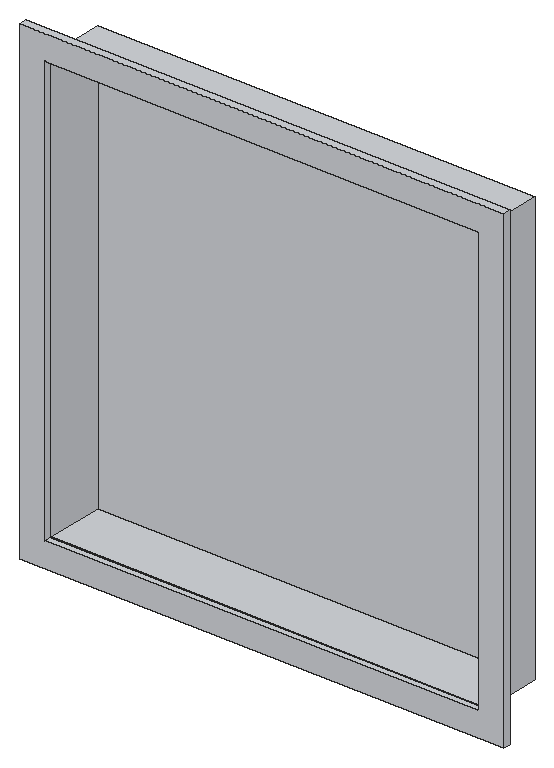
Revit family "FW-IP30-Without_Door-With_notch-leer-NoHosted-AT-de", category Electrical Equipment, Revit 2020
Family settings
  Panel Configuration = Two Columns, Circuits Across
  Round Connector Dimension = Use Diameter
  Part Type = Panelboard
  Work Plane-Based = Yes
  Always vertical = Yes
  Cut with Voids When Loaded = No
  Shared = No
  Room Calculation Point = No
Parameters (values of type "Unterputz IP30 B853 H853 T125 0 Teilungseinheiten - FWU53L")
  Width Control [instance] = if([HG000006 - Unterputz], if([EF000846 - Einbaubreite] > min_whd, [EF000846 - Einbaubreite], min_whd), if([EF000008 - Breite] > min_whd, ([EF000008 - Breite]), min_whd))  # 810 mm
  Void Depth [instance] = if([EF000218 - Einbautiefe] > 1 mm, [EF000218 - Einbautiefe], 1 mm)  # 112 mm
  Type Comments = [HG000003 - Bereich]  # "FW"
  System Height [instance] = Height Control - 2 * [HG000005 - Dicke]  # 796 mm
  Panel Name [instance] = ""  # (empty or 0)
  Offset [instance] = 0 mm
  Model = [HG000004 - Herstellerreferenz]  # "FWU53L"
  Level Offset [instance] = [Flush Mounted - Door Frame Width] + Offset  # 51 mm
  HG000011 - Leere Reihen von unten = no
  HG000010 - Asymmetrische Türen = no
  HG000009 - Doppelflügeligen Tür = no
  HG000008 - Anzahl der leeren Reihen = 0
  HG000007 - Anzahl der leeren Spalten = 0
  HG000006 - Unterputz = yes
  HG000005 - Dicke = 3 mm  # constant formula
  HG000004 - Herstellerreferenz = "FWU53L"
  HG000003 - Bereich = "FW"
  HG000002 - Mit tür = no
  HG000001 - Anzahl der Spalten = 0
  EF015941 - Signaldurchlassende Tür = no
  EF015777 - Neutralleiterklemmenblock = no
  EF015776 - Erdungsklemmenblock = no
  EF009212 - Ausführung Deckel = "EV009916 - mit Ausschnitt"
  EF006306 - Mit Schloss = no
  EF006244 - Transparenter Deckel/Tür = yes
  EF005474 - Schutzart (IP) = "EV006410 - IP30"
  EF004462 - Art der Schließung = "EV000154 - sonstige"
  EF002950 - Breite in Teilungseinheiten = 0
  EF001596 - Werkstoff des Gehäuses = "0"
  EF001134 - DIN-Schiene = no
  EF001131 - Innentiefe = 112 mm
  EF001088 - Anbaumöglichkeit = no
  EF001062 - EMV-Ausführung = no
  EF000846 - Einbaubreite = 810 mm
  EF000339 - Art der Abdeckung = "EV000494 - ohne"
  EF000332 - Einbauhöhe = 802 mm
  EF000266 - Anzahl der Reihen = 0
  EF000218 - Einbautiefe = 112 mm
  EF000118 - Mit Montageplatte = no
  EF000116 - RAL-Nummer = "0"
  EF000049 - Tiefe = 125 mm
  EF000040 - Höhe = 853 mm
  EF000008 - Breite = 853 mm
  EF000007 - Farbe = "EV000202 - weiß"
  EF000003 - Montageart = "EV000128 - Hohlwand"
  Description = ""
  Default Elevation = 1219.2 mm
  Arrow Offset [instance] = Depth Control / 8  # 14 mm
  Arrow Height [instance] = Depth Control - Arrow Offset  # 98 mm
  Host Offset [instance] = if([HG000006 - Unterputz], 0 mm, [EF000049 - Tiefe])  # 0 mm
  min_whd [instance] = (2 * [HG000005 - Dicke]) + 1 mm  # 7 mm
  Manufacturer = "Hager"  # constant formula
  Height Control [instance] = if([HG000006 - Unterputz], if([EF000332 - Einbauhöhe] > min_whd, [EF000332 - Einbauhöhe], min_whd), if([EF000040 - Höhe] > min_whd, ([EF000040 - Höhe]), min_whd))  # 802 mm
  Flush Mounted - Door Frame Width [instance] = if(([EF000040 - Höhe] - [EF000332 - Einbauhöhe]) > 0 mm, if([HG000006 - Unterputz], [EF000040 - Höhe] - [EF000332 - Einbauhöhe], 0 mm), 0 mm)  # 51 mm
  Tür rechts [instance] = yes
  Tür links [instance] = not(Tür rechts)  # no
  Türschwenkwinkel [instance] = 45.00°
  3D-Türsichtbarkeit [instance] = yes
  Depth Control [instance] = if([HG000006 - Unterputz], if([EF000218 - Einbautiefe] > 0 mm, [EF000218 - Einbautiefe], 1 mm), if([EF000049 - Tiefe] > 0 mm, ([EF000049 - Tiefe]), 1 mm))  # 112 mm
  Sichtbarkeit der Türöffnung [instance] = no
Types (16, lengths in mm): name | Width Control | System Height | Model | HG000004 - Herstellerreferenz | EF000846 - Einbaubreite | EF000332 - Einbauhöhe | EF000040 - Höhe | EF000008 - Breite | Height Control
  Unterputz IP30 B353 H1003 T125 0 Teilungseinheiten - FWU61L | 310 | 946 | "FWU61L" | "FWU61L" | 310 | 952 | 1003 | 353 | 952
  Unterputz IP30 B353 H1153 T125 0 Teilungseinheiten - FWU71L | 310 | 1096 | "FWU71L" | "FWU71L" | 310 | 1102 | 1153 | 353 | 1102
  Unterputz IP30 B353 H1303 T125 0 Teilungseinheiten - FWU81L | 310 | 1246 | "FWU81L" | "FWU81L" | 310 | 1252 | 1303 | 353 | 1252
  Unterputz IP30 B353 H553 T125 0 Teilungseinheiten - FWU31L | 310 | 496 | "FWU31L" | "FWU31L" | 310 | 502 | 553 | 353 | 502
  Unterputz IP30 B353 H703 T125 0 Teilungseinheiten - FWU41L | 310 | 646 | "FWU41L" | "FWU41L" | 310 | 652 | 703 | 353 | 652
  Unterputz IP30 B353 H853 T125 0 Teilungseinheiten - FWU51L | 310 | 796 | "FWU51L" | "FWU51L" | 310 | 802 | 853 | 353 | 802
  Unterputz IP30 B603 H1003 T125 0 Teilungseinheiten - FWU62L | 560 | 946 | "FWU62L" | "FWU62L" | 560 | 952 | 1003 | 603 | 952
  Unterputz IP30 B603 H1153 T125 0 Teilungseinheiten - FWU72L | 560 | 1096 | "FWU72L" | "FWU72L" | 560 | 1102 | 1153 | 603 | 1102
  Unterputz IP30 B603 H553 T125 0 Teilungseinheiten - FWU32L | 560 | 496 | "FWU32L" | "FWU32L" | 560 | 502 | 553 | 603 | 502
  Unterputz IP30 B603 H703 T125 0 Teilungseinheiten - FWU42L | 560 | 646 | "FWU42L" | "FWU42L" | 560 | 652 | 703 | 603 | 652
  Unterputz IP30 B603 H853 T125 0 Teilungseinheiten - FWU52L | 560 | 796 | "FWU52L" | "FWU52L" | 560 | 802 | 853 | 603 | 802
  Unterputz IP30 B853 H1003 T125 0 Teilungseinheiten - FWU63L | 810 | 946 | "FWU63L" | "FWU63L" | 810 | 952 | 1003 | 853 | 952
  Unterputz IP30 B853 H1153 T125 0 Teilungseinheiten - FWU73L | 810 | 1096 | "FWU73L" | "FWU73L" | 810 | 1102 | 1153 | 853 | 1102
  Unterputz IP30 B853 H553 T125 0 Teilungseinheiten - FWU33L | 810 | 496 | "FWU33L" | "FWU33L" | 810 | 502 | 553 | 853 | 502
  Unterputz IP30 B853 H703 T125 0 Teilungseinheiten - FWU43L | 810 | 646 | "FWU43L" | "FWU43L" | 810 | 652 | 703 | 853 | 652
  Unterputz IP30 B853 H853 T125 0 Teilungseinheiten - FWU53L | 810 | 796 | "FWU53L" | "FWU53L" | 810 | 802 | 853 | 853 | 802
Reference planes
  plane 1 "Center (Front/Back)": y = 0
  plane 2: z = 0
  plane 3 "Center (Left/Right)": x = 0
  plane 4: y = 54
  plane 5: y = 112
  plane 6: y = 51
  plane 7: z = 0
  plane 8: x = -405
  plane 9: x = 405
  plane 10: x = 402
  plane 11: x = -402
  plane 12: z = 51
  plane 13: z = 54
  plane 14: y = 5
  plane 15: y = 0
  plane 16: y = 109
  plane 17: z = 850
  plane 18: z = 853
  plane 19: z = 452
  plane 20: x = 2000
  plane 21: x = 0
  plane 22: y = -2100
  plane 23: y = -100
Forms (mm)
  Extrusion 1, solid
    sketch origin (-208.679, -4572, 51) x (-1, 0, 0) y (0, -1, 0)
      loop
        line (196.321, -4572) -> (-613.679, -4572) -> (-613.679, -4684) -> (196.321, -4684) -> (196.321, -4572)
    from 0 to 802 <- "Height Control"
  Extrusion 2, void
    sketch origin (-350.771, 0, 1219.2) x (1, 0, 0) y (0, 0, 1)
      loop
        line (-51.229, -369.2) -> (-51.229, -1165.2) -> (752.771, -1165.2) -> (752.771, -369.2) -> (-51.229, -369.2)
    from 0 to -109
  Extrusion 3, solid, detail levels coarse
    sketch origin (-350.771, 0, 1219.2) x (-1, 0, 0) y (0, 0, 1)
      loop
        line (51.229, -369.2) -> (-752.771, -369.2) -> (-752.771, -1165.2) -> (51.229, -1165.2) -> (51.229, -369.2)
    from 0 to 3 <- "HG000005 - Dicke"
Cuts and joins
  Extrusion 2 cuts Extrusion 1
Dimensions and locks
  "Flush Mounted - Door Frame Width": plane 1 "Center (Front/Back)" to plane 6
  "HG000005 - Dicke": plane 4 to plane 6
  "HG000005 - Dicke": plane 8 to plane 11
  "HG000005 - Dicke": plane 9 to plane 10
  equal spacing: plane 8, plane 3 "Center (Left/Right)", plane 9
  "Width Control": plane 8 to plane 9
  locked: plane 14 to plane 15 at 5
  "Host Offset": plane 1 "Center (Front/Back)" to plane 15
  "Depth Control": plane 5 to plane 15
  "HG000005 - Dicke": plane 5 to plane 16
  "HG000005 - Dicke": plane 13 to plane 12
  "Level Offset": plane 12 to level
  "HG000005 - Dicke": plane 18 to plane 17
  "Height Control": plane 18 to plane 12
  "Arrow Offset": plane 5 to nested 4
  equal spacing: plane 18, plane 19, plane 12
  locked: connector elem to plane 19
  locked: connector elem to plane 3 "Center (Left/Right)"
  locked: plane 3 "Center (Left/Right)" to plane 20 at 2000
  locked: plane 21 to plane 20 at 2000
  locked: plane 23 to plane 22 at 2000
  aligned and locked: nested 1 to plane 14
  aligned and locked: plane 3 "Center (Left/Right)" to nested 1
  aligned and locked: plane 3 "Center (Left/Right)" to nested 2
  aligned and locked: nested 2 to plane 15
  aligned and locked: Extrusion 1 to plane 5
  aligned and locked: Extrusion 3 sketch curve to plane 17
  aligned and locked: Extrusion 3 sketch curve to plane 11
  aligned and locked: Extrusion 3 sketch curve to plane 13
  aligned and locked: Extrusion 3 sketch curve to plane 10
  aligned and locked: Extrusion 2 sketch curve to plane 13
  aligned and locked: Extrusion 2 sketch curve to plane 10
  aligned and locked: Extrusion 2 sketch curve to plane 17
  aligned and locked: Extrusion 2 sketch curve to plane 11
  aligned and locked: Extrusion 2 to plane 16
  aligned and locked: Extrusion 1 sketch curve to plane 5
  aligned and locked: plane 9 to Extrusion 1 sketch curve
  aligned and locked: plane 8 to Extrusion 1 sketch curve
  aligned and locked: plane 8 to nested 4
  aligned and locked: plane 8 to nested 3
  aligned and locked: nested 3 to plane 5
  aligned and locked: Extrusion 1 sketch curve to plane 15
  aligned and locked: Extrusion 2 to plane 15
Nested families
  nested 1: "Hager_Enclosure_System" at (0, 5, 54), No_Columns <- "HG000001 - Anzahl der Spalten", Flush_Mounted <- "HG000006 - Unterputz", Width <- "EF000008 - Breite", Height <- "System Height", Width_Control <- "Width Control", Row_Module_Multiplicator <- "EF002950 - Breite in Teilungseinheiten", Empty_Columns <- "HG000007 - Anzahl der leeren Spalten", No_Rows <- "EF000266 - Anzahl der Reihen", Built-in_Width <- "EF000846 - Einbaubreite", Border <- "HG000005 - Dicke", Total_No_Empty_Rows <- "HG000008 - Anzahl der leeren Reihen", Depth <- "HG000005 - Dicke", Empty_Rows_From_Bottom <- "HG000011 - Leere Reihen von unten", type "Hager_Enclosure_System", detail levels medium+fine
    with Width_Control 810 mm, Width 853 mm, Total_No_Rows 0, Total_No_Empty_Rows 0, Total_No_Columns 1, System_Width 804 mm, Rows_Column 0, Row_Module_Multiplicator 0, Panel_4 no, Panel_3 no, Panel_2 no, Panel_1 no, No_Rows 0, No_Panels_Ctrl 1, No_Columns 0, Hide_Columns yes, Height 796 mm, Flush_Mounted yes, Empty_Rows_From_Bottom no, Empty_Rows_Column 0, Empty_Columns 0, Depth 3 mm, Column_Width 804 mm, Built-in_Width 810 mm, Border 3 mm
  nested 2: "Hager_Enclosure_Door" at (0, 0, 51), Double <- "HG000009 - Doppelflügeligen Tür", Height_Ctrl <- "Height Control", Transparent <- "EF006244 - Transparenter Deckel/Tür", Depth <- "EF000049 - Tiefe", Height <- "EF000040 - Höhe", Angle <- "Türschwenkwinkel", Door_Right <- "Tür rechts", Assymetrical <- "HG000010 - Asymmetrische Türen", Flush_Mounted <- "HG000006 - Unterputz", BuiltIn_Depth <- "EF000218 - Einbautiefe", BuiltIn_Width <- "EF000846 - Einbaubreite", Door <- "HG000002 - Mit tür", Width_Ctrl <- "Width Control", 3d_Door <- "3D-Türsichtbarkeit", Width <- "EF000008 - Breite", Border <- "HG000005 - Dicke", BuiltIn_Height <- "EF000332 - Einbauhöhe", Clearance <- "Sichtbarkeit der Türöffnung", Door_Left <- "Tür links", type "Hager_Enclosure_Door", detail levels medium+fine
    with min_wh 7 mm, Width_Ctrl 810 mm, Width 853 mm, Transparent yes, Leaf_Width 801 mm, Leaf_Tolerance 1.5 mm, Leaf_Height 793 mm, Leaf_2_Width 801 mm, Leaf_2_Offset 400.5 mm, Leaf_1_Width 801 mm, Leaf_1_Offset 400.5 mm, Height_Ctrl 802 mm, Height 853 mm, Frame_Width_Ctrl 43 mm, Frame_Width 43 mm, Frame_Internal_Offset 3 mm, Frame_Height_Ctrl 51 mm, Frame_Height 51 mm, Frame_Depth_Ctrl 13 mm, Frame_Depth 13 mm, Flush_Mounted yes, Double_Clearance_Ctrl no, Double no, Door_Right_Ctrl no, Door_Right yes, Door_Left_Ctrl no, Door_Left no, Door no, Depth 125 mm, Clearance_Depth 801 mm, Clearance_Ctrl no, Clearance no, BuiltIn_Width 810 mm, BuiltIn_Height 802 mm, BuiltIn_Depth 112 mm, Border 3 mm, Assymetrical no, Angle 45.00°, 3d_Door yes
  nested 3: "Hager_Enclosure_Symbol_Triangle" at (-405, 112, 0), Depth <- "Depth Control", Width <- "Width Control", type "Hager_Enclosure_Symbol_Triangle"
    with Width_Ctrl 810 mm, Width 810 mm, Depth_Ctrl 112 mm, Depth 112 mm
  nested 4: "Hager_Enclosure_Symbol_Arrow" at (-405, 98, 0), Height <- "Arrow Height", type "Hager_Enclosure_Symbol_Arrow"
    with Width_Inside 7.35 mm, Width 88.2 mm, Height_Ctrl 98 mm, Height 98 mm
Connectors
  electrical at (0, 112, 452)
    settings: on plane 5, index 1, voltage 0 V, apparent load 0 VA, apparent load phase1 0 VA, apparent load phase2 0 VA, apparent load phase3 0 VA, power factor 1, load classification "Other", number of poles 1, system type 30, power factor state 1, is connector primary yes, connector utility no, sub classification motor no, connector description ""
Definition of nested family "Hager_Enclosure_Door"
  Parameters (values of type "Hager_Enclosure_Door")
    min_wh [instance] = (2 * Border) + 1 mm  # 11 mm
    Width_Ctrl [instance] = 400 mm
    Width [instance] = 500 mm
    Transparent [instance] = yes
    Leaf_Width [instance] = if((Width_Ctrl - 2 * Border - 2 * Leaf_Tolerance) > 0 mm, (Width_Ctrl - 2 * Border - 2 * Leaf_Tolerance), min_wh)  # 387 mm
    Leaf_Tolerance [instance] = 1.5 mm  # constant formula
    Leaf_Height [instance] = if((Height_Ctrl - 2 * Border - 2 * Leaf_Tolerance) > 0 mm, (Height_Ctrl - 2 * Border - 2 * Leaf_Tolerance), min_wh)  # 387 mm
    Leaf_2_Width [instance] = if(and(and(Double, Assymetrical), Door_Left), (Leaf_Width / 3) - (Leaf_Tolerance / 2), if(and(and(Double, Assymetrical), Door_Right), (Leaf_Width / 3) * 2 - (Leaf_Tolerance / 2), if(and(Double, not(Assymetrical)), (Leaf_Width / 2) - Leaf_Tolerance, Leaf_Width)))  # 192 mm
    Leaf_2_Offset [instance] = if(and(Double, Assymetrical), Leaf_2_Width / 2, if(and(Double, not(Assymetrical)), Leaf_Width / 4, Leaf_Width / 2))  # 96.75 mm
    Leaf_1_Width [instance] = if(and(and(Double, Assymetrical), Door_Right), (Leaf_Width / 3) - (Leaf_Tolerance / 2), if(and(and(Double, Assymetrical), Door_Left), (Width / 3) * 2 - (Leaf_Tolerance / 2), if(and(Double, not(Assymetrical)), (Leaf_Width / 2) - Leaf_Tolerance, Leaf_Width)))  # 192 mm
    Leaf_1_Offset [instance] = if(and(Double, Assymetrical), Leaf_1_Width / 2, if(and(Double, not(Assymetrical)), Leaf_Width / 4, Leaf_Width / 2))  # 96.75 mm
    Height_Ctrl [instance] = 400 mm
    Height [instance] = 500 mm
    Frame_Width_Ctrl [instance] = if(Frame_Width > 0 mm, Frame_Width, 1 mm)  # 1 mm
    Frame_Width [instance] = Width - BuiltIn_Width  # 0 mm
    Frame_Internal_Offset [instance] = if(Flush_Mounted, Border, 0 mm)  # 0 mm
    Frame_Height_Ctrl [instance] = if(Frame_Height > 0 mm, Frame_Height, 1 mm)  # 1 mm
    Frame_Height [instance] = Height - BuiltIn_Height  # 0 mm
    Frame_Depth_Ctrl [instance] = if(Frame_Depth > 0 mm, Frame_Depth, 1 mm)  # 1 mm
    Frame_Depth [instance] = if(Depth - BuiltIn_Depth > 0 mm, if(Flush_Mounted, Depth - BuiltIn_Depth, 0 mm), 0 mm)  # 0 mm
    Flush_Mounted [instance] = no
    Double_Clearance_Ctrl [instance] = and(Double, Clearance)  # yes
    Double [instance] = yes
    Door_Right_Ctrl [instance] = and(or(Door_Right, Double), Door)  # yes
    Door_Right [instance] = yes
    Door_Left_Ctrl [instance] = and(or(Door_Left, Double), Door)  # yes
    Door_Left [instance] = no
    Door [instance] = yes
    Depth [instance] = 500 mm
    Default Elevation = 1219.2 mm
    Clearance_Material = none
    Clearance_Depth [instance] = if(Leaf_1_Width > Leaf_2_Width, Leaf_1_Width, Leaf_2_Width)  # 192 mm
    Clearance_Ctrl [instance] = and(not(Double), Clearance)  # no
    Clearance [instance] = yes
    BuiltIn_Width [instance] = 500 mm
    BuiltIn_Height [instance] = 500 mm
    BuiltIn_Depth [instance] = 500 mm
    Border [instance] = 5 mm
    Assymetrical [instance] = no
    Angle [instance] = 65.00°
    3d_Door [instance] = yes
  Reference planes
    plane 1 "Center (Front/Back)": y = 0
    plane 2 "Bottom": z = 0
    plane 3 "Center (Left/Right)": x = 0
    plane 4: z = 400
    plane 5: x = -200
    plane 6: x = 200
    plane 7: z = 395
    plane 8: x = -195
    plane 9: z = 5
    plane 10: x = 195
    plane 11: y = 0
    plane 12: z = 6.5
    plane 13: x = -387
    plane 14: y = -192
    plane 15: x = 387
    plane 16: x = -96.75
    plane 17: x = 96.75
    plane 18: x = -193.5
    plane 19: x = 193.5
    plane 20: z = 393.5
  Forms (mm)
    Extrusion 1, solid, visible <- "Flush_Mounted"
      sketch origin (0, 0, 0) x (1, 0, 0) y (0, 0, 1)
        loop
          line (200, 0) -> (200, 400) -> (-200, 400) -> (-200, 0) -> (200, 0)
        loop
          line (-201, 401) -> (-201, -1) -> (201, -1) -> (201, 401) -> (-201, 401)
      from 0 to 1 <- "Frame_Depth_Ctrl"
    Extrusion 2, solid, material <- "Clearance_Material", visible <- "Double_Clearance_Ctrl"
      sketch origin (1200, 0, 0) x (1, 0, 0) y (0, 0, -1)
        loop
          line (-1587, -393.5) -> (-813, -393.5) -> (-813, 0) -> (-1587, 0) -> (-1587, -393.5)
      from 0 to -192
  Dimensions and locks
    equal spacing: plane 5, plane 3 "Center (Left/Right)", plane 6
    "Width_Ctrl": plane 5 to plane 6
    "Border": plane 5 to plane 8
    "Border": plane 6 to plane 10
    "Border": plane 9 to level
    "Border": plane 4 to plane 7
    "Height_Ctrl": plane 4 to level
    "Leaf_Tolerance": plane 12 to plane 9
    "Frame_Depth": plane 11 to plane 1 "Center (Front/Back)"
    "Frame_Width_Ctrl": plane 5 to Extrusion 1 sketch curve
    "Frame_Width_Ctrl": plane 6 to Extrusion 1 sketch curve
    "Frame_Width_Ctrl": Extrusion 1 sketch curve to plane 4
    "Frame_Width_Ctrl": plane 2 "Bottom" to Extrusion 1 sketch curve
    "Leaf_1_Offset": plane 18 to plane 16
    "Leaf_2_Offset": plane 17 to plane 19
    "Leaf_1_Width": plane 13 to plane 8
    "Leaf_2_Width": plane 10 to plane 15
    "Clearance_Depth": plane 14 to plane 1 "Center (Front/Back)"
    "Leaf_Tolerance": plane 8 to plane 18
    "Leaf_Tolerance": plane 19 to plane 10
    "Leaf_Tolerance": plane 7 to plane 20
    "Frame_Internal_Offset": plane 5 to Extrusion 1 sketch curve
    "Frame_Internal_Offset": Extrusion 1 sketch curve to plane 2 "Bottom"
    "Frame_Internal_Offset": plane 6 to Extrusion 1 sketch curve
    "Frame_Internal_Offset": plane 4 to Extrusion 1 sketch curve
    aligned and locked: level to plane 2 "Bottom"
    aligned and locked: nested 1 to plane 16
    aligned and locked: nested 2 to plane 17
    aligned and locked: Extrusion 2 to plane 13
    aligned and locked: plane 15 to Extrusion 2
    aligned and locked: Extrusion 2 to plane 14
    aligned and locked: plane 12 to nested 1
    aligned and locked: nested 2 to plane 12
    aligned and locked: Extrusion 2 to plane 11
    aligned and locked: plane 20 to Extrusion 2
    aligned and locked: nested 2 to plane 11
    aligned and locked: nested 1 to plane 11
  Automatic sketch dimensions
    Extrusion 2 sketch curve to level = 0 mm
    plane 5 to Extrusion 2 sketch curve = 187 mm
    plane 6 to Extrusion 2 sketch curve = 187 mm
    Extrusion 2 sketch curve to plane 4 = 6.5 mm
  Nested families
    nested 1: "Hager_Enclosure_Door_Leaf" at (-96.75, 0, 6.5), Width <- "Leaf_1_Width", visible <- "Door_Left_Ctrl", Leaf_Height <- "Leaf_Height", Angle <- "Angle", Depth <- "Border", 3d_Door <- "3d_Door", Transparent <- "Transparent", Clearance Material <- "Clearance_Material", Clearance <- "Clearance_Ctrl", type "Hager_Enclosure_Door_Leaf"
      with Width 192 mm, Transparent_Door_Border 25 mm, Transparent_Ctrl yes, Transparent yes, Standard no, Leaf_Height 387 mm, Glass_Offset 1 mm, Depth 5 mm, Clearance Material none, Clearance no, Angle_Ctrl 65.00°, Angle 65.00°, 3d_Door yes
    nested 2: "Hager_Enclosure_Door_Leaf" at (96.75, 0, 6.5) x (-1, 0, 0) z (0, 0, 1), Width <- "Leaf_2_Width", visible <- "Door_Right_Ctrl", Leaf_Height <- "Leaf_Height", Angle <- "Angle", Depth <- "Border", 3d_Door <- "3d_Door", Transparent <- "Transparent", Clearance Material <- "Clearance_Material", Clearance <- "Clearance_Ctrl", type "Hager_Enclosure_Door_Leaf"
      with Width 192 mm, Transparent_Door_Border 25 mm, Transparent_Ctrl yes, Transparent yes, Standard no, Leaf_Height 387 mm, Glass_Offset 1 mm, Depth 5 mm, Clearance Material none, Clearance no, Angle_Ctrl 65.00°, Angle 65.00°, 3d_Door yes
  Definition of nested family "Hager_Enclosure_Door_Leaf"
    Parameters (values of type "Hager_Enclosure_Door_Leaf")
      Width [instance] = 200 mm
      Transparent_Door_Border [instance] = 25 mm  # constant formula
      Transparent_Ctrl [instance] = and(Transparent, [3d_Door])  # yes
      Transparent [instance] = yes
      Standard [instance] = and(not(Transparent), [3d_Door])  # no
      Leaf_Height [instance] = 500 mm
      Glass_Offset [instance] = if((Depth - 10 mm) / 2 > 0 mm, (Depth - 10 mm) / 2, 1 mm)  # 1 mm
      Glass_Material = none
      Depth [instance] = 3 mm
      Default Elevation = 0 mm
      Clearance Material [instance] = none
      Clearance [instance] = no
      Angle_Ctrl [instance] = if(Angle > 170.00°, 170.00°, Angle)  # 163.00°
      Angle [instance] = 163.00°
      3d_Door [instance] = yes
    Reference planes
      plane 1 "Center (Front/Back)": y = 0
      plane 2: z = 0
      plane 3 "Center (Left/Right)": x = 0
      plane 4: y = 200
      plane 5: x = -100
      plane 6: x = 100
      plane 7: x = -300
      plane 8: z = 500
      plane 9: z = 25
      plane 10: z = 475
      plane 11: x = 75
      plane 12: x = -75
    Forms (mm)
      Extrusion 1, solid, material <- "Clearance Material", visible <- "Clearance"
        sketch origin (0, 0, 0) x (1, 0, 0) y (0, 0, 1)
          loop
            line (-300, 500) -> (-300, 0) -> (100, 0) -> (100, 500) -> (-300, 500)
        from 0 to -200
      Extrusion 2, solid, visible <- "Standard", detail levels fine
        sketch origin (-100, 0, 0) x (-0.956305, 0.292372, 0) y (-0.292372, -0.956305, 0)
          loop
            line (0, -3) -> (200, -3) -> (200, 0) -> (0, 0) -> (0, -3)
        from 0 to 500 <- "Leaf_Height"
      Extrusion 3, solid, visible <- "Transparent_Ctrl", detail levels fine
        sketch origin (-100, 0, 0) x (-0.956305, 0.292372, 0) y (-0.292372, -0.956305, 0)
          loop
            line (0, -3) -> (200, -3) -> (200, 0) -> (0, 0) -> (0, -3)
        from 0 to 500 <- "Leaf_Height"
      Extrusion 4, void, detail levels fine
        sketch origin (-100, 0, 0) x (-0.292372, -0.956305, 0) y (-0.956305, 0.292372, 0)
          loop
            line (0, 25) -> (0, 175) -> (-3, 175) -> (-3, 25) -> (0, 25)
        from -475 to -25
      Extrusion 5, solid, material <- "Glass_Material", visible <- "Transparent_Ctrl", detail levels fine
        sketch origin (-100, 0, 0) x (-0.956305, 0.292372, 0) y (-0.292372, -0.956305, 0)
          loop
            line (25, -1) -> (25, -2) -> (175, -2) -> (175, -1) -> (25, -1)
        from 25 to 475
    Cuts and joins
      Extrusion 4 cuts Extrusion 3
    Lines and regions (mm)
      symbolic lines
        curve 1: line (100, 0, 0) -> (-300, 0, 0)
        curve 2: arc (100, 0, 0) -> (-100, 200, 0) -> (-300, 0, 0) r 200
        curve 4: line (-100, 0, 0) -> (-291.261, 58.474, 0)
      reference lines
        curve 3: line (-100, 0, 0) -> (-291.261, 58.474, 0)
      symbolic lines, detail levels medium+fine
        curve 5: line (-291.261, 58.474, 0) -> (-290.384, 61.343, 0)
        curve 6: line (-290.384, 61.343, 0) -> (-99.123, 2.869, 0)
        curve 7: line (-99.123, 2.869, 0) -> (-100, 0, 0)
      symbolic lines, detail levels fine
        curve 8: line (-100, 0, 500) -> (100, 0, 500)
        curve 9: line (-100, 0, 0) -> (-100, 0, 500)
        curve 10: line (100, 0, 0) -> (-100, 0, 0)
        curve 11: line (100, 0, 500) -> (100, 0, 0)
      symbolic lines, visible <- "Transparent_Ctrl", detail levels fine
        curve 12: line (-75, 0, 475) -> (75, 0, 475)
        curve 13: line (-75, 0, 25) -> (-75, 0, 475)
        curve 14: line (75, 0, 25) -> (-75, 0, 25)
        curve 15: line (75, 0, 475) -> (75, 0, 25)
    Dimensions and locks
      "Width": plane 1 "Center (Front/Back)" to plane 4
      equal spacing: plane 5, plane 3 "Center (Left/Right)", plane 6
      "Width": plane 5 to plane 6
      "Width": plane 7 to plane 5
      "Leaf_Height": plane 8 to level
      "Depth": curve 6 to curve 3
      "Width": curve 5 to curve 3
      "Width": curve 3 to curve 3
      "Transparent_Door_Border": Extrusion 4 sketch curve to curve 7
      "Transparent_Door_Border": Extrusion 4 sketch curve to curve 5
      "Transparent_Door_Border": plane 8 to plane 10
      "Transparent_Door_Border": plane 9 to level
      "Glass_Offset": Extrusion 5 sketch curve to curve 4
      "Glass_Offset": Extrusion 5 sketch curve to curve 6
      "Transparent_Door_Border": Extrusion 5 sketch curve to curve 5
      "Transparent_Door_Border": Extrusion 5 sketch curve to curve 7
      "Transparent_Door_Border": plane 12 to plane 5
      "Transparent_Door_Border": plane 6 to plane 11
      "Angle_Ctrl": angle plane 1 "Center (Front/Back)" to curve 3
      aligned and locked: level to plane 2
      aligned and locked: Extrusion 1 to curve 1
      aligned and locked: plane 6 to Extrusion 1
      aligned and locked: plane 1 "Center (Front/Back)" to Extrusion 1
      aligned and locked: plane 4 to Extrusion 1
      aligned and locked: plane 8 to Extrusion 1
      aligned and locked: curve 4 to curve 3
      aligned and locked: Extrusion 2 sketch curve to curve 7
      aligned and locked: Extrusion 2 sketch curve to curve 6
      aligned and locked: Extrusion 2 sketch curve to curve 5
      aligned and locked: Extrusion 2 sketch curve to curve 3
      aligned and locked: curve 7 to Extrusion 3 sketch curve
      aligned and locked: Extrusion 3 sketch curve to curve 4
      aligned and locked: Extrusion 3 sketch curve to curve 6
      aligned and locked: Extrusion 3 sketch curve to curve 5
      aligned and locked: curve 4 to Extrusion 4 sketch curve
      aligned and locked: curve 6 to Extrusion 4 sketch curve
      aligned and locked: Extrusion 4 to plane 9
      aligned and locked: Extrusion 4 to plane 10
      aligned and locked: Extrusion 5 to plane 9
      aligned and locked: Extrusion 5 to plane 10
      aligned and locked: curve 8 to plane 8
      aligned and locked: plane 5 to curve 9
      aligned and locked: plane 2 to curve 10
      aligned and locked: curve 11 to plane 6
      aligned and locked: plane 10 to curve 12
      aligned and locked: plane 12 to curve 13
      aligned and locked: plane 9 to curve 14
      aligned and locked: plane 11 to curve 15
    Automatic sketch dimensions
      plane 1 "Center (Front/Back)" to curve 2 = 0 mm
      curve 2 to plane 5 = 0 mm
      Extrusion 1 sketch curve to level = 0 mm
      Extrusion 1 sketch curve to plane 7 = 0 mm
      Extrusion 1 sketch curve to plane 6 = 0 mm
      Extrusion 1 sketch curve to plane 8 = 0 mm
      plane 1 "Center (Front/Back)" to curve 3 = 0 mm
      curve 3 to plane 5 = 0 mm
      curve 7 to curve 3 = 0 mm
Definition of nested family "Hager_Enclosure_Symbol_Triangle"
  Parameters (values of type "Hager_Enclosure_Symbol_Triangle")
    Width_Ctrl [instance] = if(Width > 1 mm, Width, 1 mm)  # 498 mm
    Width [instance] = 498 mm
    Depth_Ctrl [instance] = if(Depth > 1 mm, Depth, 1 mm)  # 72 mm
    Depth [instance] = 72 mm
  Reference planes
    plane 1 "Centre (avant/arrière)": y = 0
    plane 2: z = 0
    plane 3 "Centre (gauche/droite)": x = 0
  Lines and regions (mm)
    Filled region 1, type "Solid_Black", in view "Niveau de réf."
      outline origin (0, 0, 0) x (1, 0, 0) y (0, 1, 0)
        loop
          line (0, 0) -> (498, 0) -> (498, 72) -> (0, 0)
    reference lines, in view "Niveau de réf."
      curve 1: line (-206.153, 72, 0) -> (1083.258, 72, 0)
      curve 2: line (498, 405.456, 0) -> (498, -517.619, 0)
  Dimensions and locks
    "Depth_Ctrl": plane 1 "Centre (avant/arrière)" to curve 1
    "Width_Ctrl": plane 3 "Centre (gauche/droite)" to curve 2
    aligned and locked: curve 1 to Filled region 1 sketch curve
    aligned and locked: Filled region 1 sketch curve to plane 1 "Centre (avant/arrière)"
    aligned and locked: curve 2 to Filled region 1 sketch curve
    aligned and locked: plane 3 "Centre (gauche/droite)" to Filled region 1 sketch curve
    aligned and locked: plane 1 "Centre (avant/arrière)" to Filled region 1 sketch curve
  Automatic sketch dimensions
    curve 1 to plane 3 "Centre (gauche/droite)" = 206.153 mm
    curve 2 to curve 1 = 585.258 mm
    plane 1 "Centre (avant/arrière)" to curve 2 = 517.619 mm
    curve 2 to plane 1 "Centre (avant/arrière)" = 405.456 mm
Definition of nested family "Hager_Enclosure_Symbol_Arrow"
  Parameters (values of type "Hager_Enclosure_Symbol_Arrow")
    Width_Inside [instance] = if(Width / 12 > 2 mm, Width / 12, 2 mm)  # 4.987 mm
    Width [instance] = if(Height_Ctrl * 0.9 > 2 mm, Height_Ctrl * 0.9, 2 mm)  # 59.85 mm
    Height_Ctrl [instance] = if(Height > 2 mm, Height, 2 mm)  # 66.5 mm
    Height [instance] = 66.5 mm
  Reference planes
    plane 1 "Centre (avant/arrière)": y = 0
    plane 2: z = 0
    plane 3 "Centre (gauche/droite)": x = 0
    plane 4: x = 59.85
    plane 5: y = 28.263
    plane 6: y = 38.238
    plane 7: y = 66.5
    plane 8: x = 29.925
    plane 9: y = 33.25
  Lines and regions (mm)
    Filled region 1, type "Solid_Black", in view "Niveau de réf."
      outline origin (0, 0, 0) x (1, 0, 0) y (0, 1, 0)
        loop
          line (59.85, 66.5) -> (37.929, 52.827) -> (51.846, 41.935) -> (59.85, 66.5)
    detail lines, in view "Niveau de réf."
      curve 1: line (0, 0, 0) -> (29.925, 38.238, 0)
      curve 2: line (29.925, 38.238, 0) -> (29.925, 28.263, 0)
      curve 3: line (29.925, 28.263, 0) -> (59.85, 66.5, 0)
  Dimensions and locks
    "Width": plane 3 "Centre (gauche/droite)" to plane 4
    "Height_Ctrl": plane 7 to plane 1 "Centre (avant/arrière)"
    equal spacing: plane 3 "Centre (gauche/droite)", plane 8, plane 4
    equal spacing: plane 7, plane 9, plane 1 "Centre (avant/arrière)"
    equal spacing: plane 6, plane 9, plane 5
    "Width_Inside": plane 6 to plane 9
    equal spacing: curve 3, Filled region 1 sketch curve, Filled region 1 sketch curve
    angle Filled region 1 sketch curve to curve 3 = 20.00°
    angle curve 3 to Filled region 1 sketch curve = 20.00°
    locked: curve 3 to Filled region 1 sketch curve (angle 90.00°)
  Automatic sketch dimensions
    plane 1 "Centre (avant/arrière)" to curve 1 = 0 mm
    curve 1 to plane 3 "Centre (gauche/droite)" = 0 mm
    curve 2 to plane 6 = 0 mm
    curve 3 to plane 8 = 0 mm
    curve 3 to plane 4 = 0 mm
    curve 2 to plane 5 = 0 mm
    curve 3 to plane 7 = 0 mm
    Filled region 1 sketch curve to plane 4 = 0 mm
    Filled region 1 sketch curve to plane 7 = 0 mm
